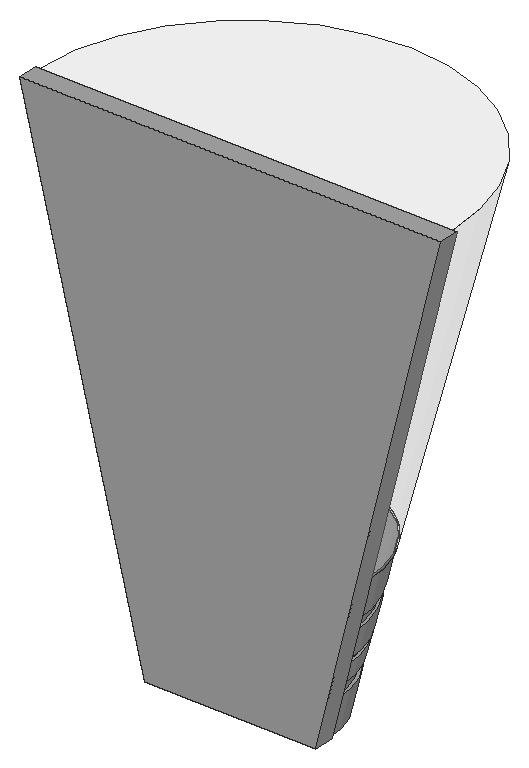
Revit family "Ray Wall LED - Wall based", category Lighting Fixtures, host Wall, Revit 2014
Parameters (values of type "Ray Wall LED")
  Wattage = 20 W
  WarrantyGuarantorParts = "n/a"
  WarrantyDurationParts = "n/a"
  WarrantyDescription = "n/a"
  built-in parameter 1150110 = 1 (stored number, unit not read)
  Version = "v.1.0"
  Uniclass2 = "Pr_70_70_49_43 Light-Emitting Diode (LED) Luminaires"
  Uniclass 1.4 = "JY73"
  URL = "http://riegens.com/ray-wall-led"
  TotalWattage = "Max. 20W"
  built-in parameter 1114217 = 1 (stored number, unit not read)
  Tilt Angle = 90.00°
  built-in parameter 1150109 = 1 (stored number, unit not read)
  built-in parameter 1150134 = (empty or 0)
  TagNumber = "n/a"
  SustainabilityPerformance = "n/a"
  built-in parameter 1150113 = 1 (stored number, unit not read)
  SupplyCircuitConductorConnections = "n/a"
  Size = "189 x 322 mm"
  Shape = "Semicircular"
  ProductInformation = "http://riegens.com/ray-wall-led"
  PhotometricPerformance = "In accordance with BS EN 13032-1"
  Photometric Web File = "RaY Wall 20W LED 3000K Opal IP54.ies"
  PhaseReference = "IEC recommendations"
  Optic = "Opal diffuser"
  NominalVoltage = "220-240V"
  ModelReference = "Ray Wall LED"
  Model = "Ray Wall LED"
  Material = "Aluminium and PC"
  ManufacturersSpecificInformation = "n/a"
  ManufacturerURL = "www.riegens.com"
  Manufacturer = "Riegens A/S"
  Lumens = 1000 lm
  LuminaireType = "Outdoor Direct LED Luminaire"
  LuminairePowerFactor = ">0,9"
  built-in parameter 1150115 = 1 (stored number, unit not read)
  built-in parameter 1150105 = 79.577 (stored number, unit not read)
  LightSource = "LED 3000K"
  LightFixturePlacingType = "Wall"
  LightFixtureMountingType = "Wall"
  built-in parameter 1150137 = (empty or 0)
  built-in parameter 1150139 = (empty or 0)
  LampType = "LED"
  LampRating = "20W"
  LampColourRenderingIndex = "Ra>70"
  built-in parameter 1150112 = 1 (stored number, unit not read)
  built-in parameter 1150114 = 1 (stored number, unit not read)
  InternalFuse = "Only required in emergency versions"
  InsulationStandardClass = "Class 1"
  built-in parameter 1150132 = (empty or 0)
  built-in parameter 1150102 = (empty or 0)
  built-in parameter 1150138 = (empty or 0)
  built-in parameter 1150107 = 3000 (stored number, unit not read)
  built-in parameter 1150106 = 0.79577 (stored number, unit not read)
  IfcExportType = "NOTDEFINED'"
  IfcExportAs = "IfcLightFixtureType'"
  IP_Code = "IP54"
  Height 1 = 381 mm
  HasProtectiveEarth = "TRUE"
  Grade = "n/a"
  Glass Width = 322 mm
  Frame Width = 132 mm
  Frame Depth = 189 mm
  Frame = Riegens_Aluminum_powder coated grey
  Fp2 = 160 mm
  Fp1 = 141 mm
  Finish = "Powder coated"
  Features = "n/a"
  built-in parameter 1150104 = 4.6452 (stored number, unit not read)
  Documentation = "See URL hyperlink"
  DocumentReference = "See URL hyperlink"
  Dimming Lamp Color Temperature Shift = <None>
  Description = "70-80-35 General Lighting Systems"
  ControlGearPosition = "Integrated "
  Constituents = "n/a"
  Colour = "Grey"
  Color Filter = 16777215
  CodePerformance = "n/a"
  CCSTopnode = "L"
  CCSClassName = "Belysningsarmatur"
  CCSClassCode = "UAC"
  BarCode = "n/a"
  BallastsCELMAEnergyEfficiencyIndex = "Class A1/A2"
  built-in parameter 1114218 = 1 (stored number, unit not read)
  BSAB 96 = "SNB.2"
  BIMObjectName = "Ray Wall LED.rfa"
  Author = "3dbyggeri"
  built-in parameter 1150133 = 10 (stored number, unit not read)
  AssetType = "Moveable/Fixed"
  AssetIdentifier = "n/a"
  ArticleNumber = "See URL hyperlink"
  Apparent Load = 240 VA
  AccessibilityPerformance = "n/a"
Reference planes
  plane 1: y = 0
  plane 2 "Light Source Axis (L/R)": x = 125
  plane 3 "Light Source Axis (F/R)": y = 150
  plane 4 "Light Source Elevation": z = 2248.468
  plane 5: z = 2381
  plane 6: z = 2000
  plane 7: x = 59
  plane 8: x = 191
  plane 9: x = -36
  plane 10: x = 286
  plane 11: y = 75
  plane 12: y = 90
  plane 13: z = 2117
  plane 14: y = 248.348
Forms (mm)
  Extrusion 1, solid, material "Riegens_Aluminum_powder coated grey"
    sketch origin (0, 150, 0) x (1, 0, 0) y (0, 0, 1)
      loop
        line (190.244, 2000) -> (286, 2381) -> (-36, 2381) -> (59.756, 2000) -> (190.244, 2000)
    from 60 to 75
  Blend 2, solid, material "Riegens_Polycarbonate_clear"
    base sketch origin (0, 0, 2248.468) x (1, 0, 0) y (0, 1, 0)
      loop
        line (32.583, 90) -> (217.379, 90)
        arc (217.379, 90) -> (124.981, 182.398) -> (32.583, 90) r 92.398
    top sketch origin (0, 0, 2248.468) x (1, 0, 0) y (0, 1, 0)
      loop
        line (-33, 90) -> (283, 90)
        arc (283, 90) -> (125, 248) -> (-33, 90) r 158
    from -131.468 to 132.532
  Revolve 3, solid, material "Riegens_Aluminum_powder coated grey" <- "Frame"
    sketch origin (20.982, 90, 6.011) x (1, 0, 0) y (0, 0, 1)
      loop
        line (104, 1993.989) -> (167.138, 1993.989) -> (173.991, 2022.797) -> (171.241, 2022.797) -> (173.619, 2032.797) -> (176.369, 2032.797) -> (179.776, 2047.119) -> (177.026, 2047.119) -> (177.977, 2051.118) -> (180.727, 2051.118) -> (185.561, 2071.44) -> (182.811, 2071.44) -> (185.189, 2081.44) -> (187.94, 2081.44) -> (194.968, 2110.989) -> (104, 2110.989) -> (104, 1993.989)
      axis (104, 1993.989) -> (104, 2110.989)
    angle from 0 to 180
Text (mm)
  text "Placement side" at (-1787.139, 1116.779, 0), in view "Ref. Level"
  text "Placement side" at (0, 2110.396, 2986.058), in view "Left"
  text "Placement side" at (0, 628.478, 3011.967), in view "Right"
Dimensions and locks
  locked: plane 6 to plane 5 at 381
  equal spacing: plane 8, plane 2 "Light Source Axis (L/R)", plane 7
  "Frame Width": plane 7 to plane 8
  equal spacing: plane 10, plane 2 "Light Source Axis (L/R)", plane 9
  "Glass Width": plane 9 to plane 10
  plane 12 to plane 11 to host wall = 15 mm locked, 0 mm
  locked: plane 4 "Light Source Elevation" to plane 5 at 132.532
  locked: plane 13 to plane 4 "Light Source Elevation" at 131.468
  plane 6 to plane 13 = 117 mm
  level to plane 6 = 2000 mm
  aligned and locked: plane 1 to host wall
  aligned and locked: plane 4 "Light Source Elevation" to imposter light
  aligned and locked: plane 5 to Extrusion 1 sketch curve
  aligned and locked: Extrusion 1 sketch curve to plane 6
  aligned and locked: plane 11 to Extrusion 1
  aligned and locked: Extrusion 1 to plane 12
  aligned and locked: Blend 2 to plane 13
  aligned and locked: plane 5 to Blend 2
  aligned and locked: plane 11 to host wall
  aligned and locked: Extrusion 1 to Revolve 3  (x2)
  aligned and locked: Revolve 3 to Blend 2
Automatic sketch dimensions
  plane 9 to Extrusion 1 sketch curve = 0 mm
  plane 10 to Extrusion 1 sketch curve = 0 mm
  Extrusion 1 sketch curve to plane 7 = 0.756 mm
  plane 8 to Extrusion 1 sketch curve = 0.756 mm
  plane 12 to Blend 2 sketch curve = 0 mm  (x2)
  plane 7 to Blend 2 sketch curve = 26.417 mm
  Blend 2 sketch curve to plane 2 "Light Source Axis (L/R)" = 0.019 mm
  Blend 2 sketch curve to plane 2 "Light Source Axis (L/R)" = 0 mm
  Blend 2 sketch curve to plane 9 = 3 mm
  plane 6 to Revolve 3 sketch curve = 6.011 mm
  plane 5 to Revolve 3 sketch curve = 6.011 mm
  plane 6 to Revolve 3 sketch curve = 0 mm
  plane 13 to Revolve 3 sketch curve = 0 mm
  Revolve 3 sketch curve to plane 2 "Light Source Axis (L/R)" = 0.018 mm  (x2)
  plane 8 to Revolve 3 sketch curve = 2.88 mm
  Revolve 3 sketch curve to plane 8 = 1.223 mm
  Revolve 3 sketch curve to plane 8 = 3.601 mm
  Revolve 3 sketch curve to Revolve 3 sketch curve = 2.75 mm  (x6)
  Revolve 3 sketch curve to plane 8 = 7.008 mm
  Revolve 3 sketch curve to plane 8 = 7.959 mm
  Revolve 3 sketch curve to plane 8 = 12.793 mm
  Revolve 3 sketch curve to Revolve 3 sketch curve = 2.379 mm
  Revolve 3 sketch curve to plane 8 = 24.95 mm
  plane 6 to Revolve 3 sketch curve = 28.808 mm
  Revolve 3 sketch curve to Revolve 3 sketch curve = 10 mm  (x2)
  Revolve 3 sketch curve to Revolve 3 sketch curve = 14.321 mm
  Revolve 3 sketch curve to Revolve 3 sketch curve = 3.999 mm
  Revolve 3 sketch curve to Revolve 3 sketch curve = 20.322 mm
Connectors
  electrical at (125, 75, 2190.5)
    settings: on Extrusion 1, index 1, voltage 0 V, apparent load 0 VA, apparent load phase1 0 VA, apparent load phase2 0 VA, apparent load phase3 0 VA, power factor 1, load classification "Other", number of poles 1, system type 31, power factor state 1, is connector primary yes, connector utility no, sub classification motor no, connector description ""
